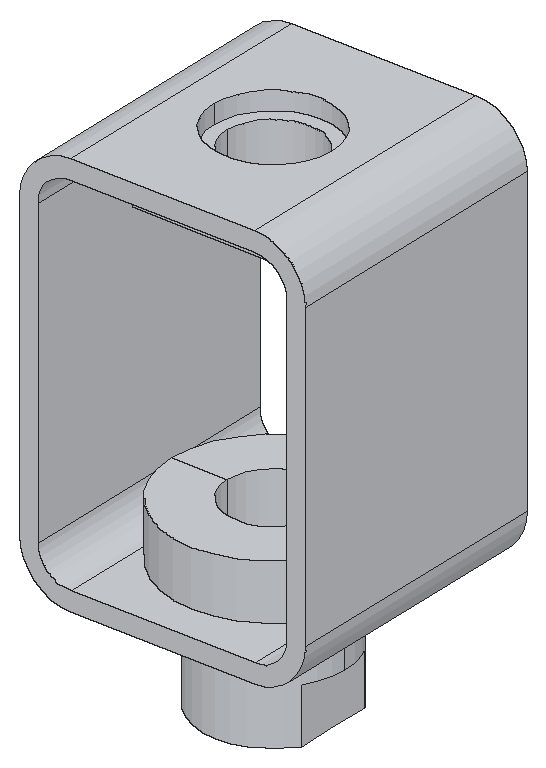
Revit family "Höhenversteller", category HLS-Bauteile, Revit 2017
Family settings
  Bemaßung runder Anschluss = Durchmesser verwenden
  Teiletyp = Normal
  Arbeitsebenenbasiert = Ja
  Immer vertikal = Nein
  Beim Laden mit Abzugskörper schneiden = Nein
  Gemeinsam genutzt = Ja
  Raumberechnungspunkt = Nein
Parameters (values of type "Höhenversteller M10/SMU10")
  vpe = "50 St"
  max. zul. Last = 3.00 kN
  max. Temperaturbeständigkeit = ""
  für Gewinde = "M10"
  Default Elevation = 1219.2 mm
  Schiebeweg = ""
  Regelhalter [instance] = ""
  Oberflaeche = "galvanisch verzinkt"
  Mengeneinheit = "St"
  Materialname = "S235"
  Material = "Stahl"
  Länge = 31 mm
  Lochdurchmesser 2 = 0 mm
  Lochdurchmesser 1 = 0 mm
  Langloch 2 = ""
  Langloch 1 = ""
  Kurztext2 = "für Gewinde M10"
  Kurztext1 = "Höhenversteller verst. H 30 mm"
  Höhe verstellbar = "30 mm"
  Höhe = "56 mm"
  Haftreibungsfaktor = ""
  Gleitreibungsfaktor = ""
  Gleitfunktion = "nein"
  Gewindeplatte Vierkant = MEFA Gewindeplatte Vierkant : MEFA Gewindeplatte Vierkant 17x 17x 5 M10
  Gewicht pro Bauteil = Gewicht  # 0.103 kg
  Gewicht = 0.103 kg
  Firma = "MEFA Befestigungs- und Montagesysteme GmbH"
  Fabrikat = "MEFA"
  EAN = "4250928418739"
  Breite = 30 mm
  Bandbuchse = Bundbuchse M8 verdreht : Bandbuchse M10
  Artikelnummer = "0783110"
Types (3, lengths in mm): name | für Gewinde | Kurztext2 | Gewindeplatte Vierkant | Gewicht pro Bauteil | Gewicht | EAN | Bandbuchse | Artikelnummer
  (no name) | "M10" | "für Gewinde M10" | MEFA Gewindeplatte Vierkant : MEFA Gewindeplatte Vierkant 17x 17x 5 M10 | 0.103 kg | 0.103 kg | "4250928418739" | Bundbuchse M8 verdreht : Bandbuchse M10 | "0783110"
  Höhenversteller M 8/SMU8 | "M8" | "für Gewinde M8" | MEFA Gewindeplatte Vierkant : MEFA Gewindeplatte Vierkant 17x 17x 5 M 8 | 0.101 kg | 0.101 kg | "4250928418722" | Bundbuchse M8 verdreht : Bandbuchse M8 | "0783021"
  Höhenversteller M10/SMU10 | "M10" | "für Gewinde M10" | MEFA Gewindeplatte Vierkant : MEFA Gewindeplatte Vierkant 17x 17x 5 M10 | 0.103 kg | 0.103 kg | "4250928418739" | Bundbuchse M8 verdreht : Bandbuchse M10 | "0783110"
Reference planes
  plane 1 "Mitte (Vorne/hinten)": y = 0
  plane 2: z = 0
  plane 3 "Mitte (Links/rechts)": x = 0
  plane 4: z = 44
  plane 5: x = -15.5
  plane 6: x = 15.5
  plane 7: z = 44
  plane 8: x = 13.5
  plane 9: z = 2
  plane 10: x = -13.5
  plane 11: z = 42
Forms (mm)
  Extrusion 1, solid
    sketch origin (0, 0, 0) x (1, 0, 0) y (0, 0, 1)
      loop
        line (10, 44) -> (-10, 44)
        arc (-10, 44) -> (-13.889, 42.389) -> (-15.5, 38.5) r 5.5
        line (-15.5, 38.5) -> (-15.5, 5.5)
        arc (-15.5, 5.5) -> (-13.889, 1.611) -> (-10, 0) r 5.5
        line (-10, 0) -> (10, 0)
        arc (10, 0) -> (13.889, 1.611) -> (15.5, 5.5) r 5.5
        line (15.5, 5.5) -> (15.5, 38.5)
        arc (15.5, 38.5) -> (13.889, 42.389) -> (10, 44) r 5.5
      loop
        line (10, 42) -> (-10, 42)
        arc (-10, 42) -> (-12.475, 40.975) -> (-13.5, 38.5) r 3.5
        line (-13.5, 38.5) -> (-13.5, 5.5)
        arc (-13.5, 5.5) -> (-12.475, 3.025) -> (-10, 2) r 3.5
        line (-10, 2) -> (10, 2)
        arc (10, 2) -> (12.475, 3.025) -> (13.5, 5.5) r 3.5
        line (13.5, 5.5) -> (13.5, 38.5)
        arc (13.5, 38.5) -> (12.475, 40.975) -> (10, 42) r 3.5
    from -15 to 15
  Extrusion 2, void
    sketch origin (0, 0, 0) x (1, 0, 0) y (0, 1, 0)
      loop
        circle (0, 0) r 8
    from -5 to 5
  Extrusion 3, void
    sketch origin (0, 0, 0) x (1, 0, 0) y (0, 1, 0)
      loop
        circle (0, 0) r 6.476
    from 40 to 50
Cuts and joins
  Extrusion 2, Extrusion 3 cuts Extrusion 1
Lines and regions (mm)
  model lines, not visible
    curve 1: line (0, 0, 80.467) -> (0, 0, -64.533)
    curve 2: line (30.507, 0, 44) -> (-29.493, 0, 44)
    curve 3: line (30.507, 0, 0) -> (-29.493, 0, 0)
    curve 4: line (0, 24.47, 44) -> (0, -25.53, 44)
    curve 5: line (0, 24.47, 0) -> (0, -25.53, 0)
Dimensions and locks
  aligned and locked: level to plane 2
  aligned and locked: nested 1 to cut or joined group of Extrusion 1, Extrusion 2, Extrusion 3
  aligned and locked: plane 3 "Mitte (Links/rechts)" to nested 1
  aligned and locked: nested 2 to cut or joined group of Extrusion 1, Extrusion 2, Extrusion 3
  aligned and locked: nested 2 to plane 3 "Mitte (Links/rechts)"
  aligned and locked: nested 2 to plane 1 "Mitte (Vorne/hinten)"
  aligned and locked: plane 1 "Mitte (Vorne/hinten)" to nested 1
  aligned and locked: plane 3 "Mitte (Links/rechts)" to curve 1
  aligned and locked: curve 2 to plane 4
  aligned and locked: curve 3 to level
  aligned and locked: curve 5 to level
Nested families
  nested 1: "Bundbuchse M8 verdreht" at (0, 0, 8), type <- "Bandbuchse", type "Bandbuchse M10"
  nested 2: "MEFA Gewindeplatte Vierkant" at (0, 0, 37) x (-1, 0, 0) z (0, 0, 1), type <- "Gewindeplatte Vierkant", type "MEFA Gewindeplatte Vierkant 17x 17x 5 M10"
Definition of nested family "Bundbuchse M8 verdreht"
  Parameters (values of type "Bandbuchse M10")
    d2 = 7.8 mm
    d1 = 11 mm
    Regelhalter [instance] = ""
    Firma = "MEFA Befestigungs- und Montagesysteme GmbH"
    D = 5 mm
    Artikelnummer = "0780812"
  Types (2, lengths in mm): name | D
    Bandbuchse M8 | 4
    Bandbuchse M10 | 5
  Reference planes
    plane 1 "Mitte (Vorne/hinten)": y = 0
    plane 2: z = 0
    plane 3 "Mitte (Links/rechts)": x = 0
    plane 4: x = 4
    plane 5: x = -4
    plane 6: z = 20
    plane 7: x = 4
    plane 8: x = -4
    plane 9: z = -20
    plane 10: x = -6.5
    plane 11: x = 11
  Forms (mm)
    Revolve 1, solid
      sketch origin (0, 0, 0) x (1, 0, 0) y (0, 0, -1)
        loop
          line (5, 0) -> (11, 0) -> (11, 6) -> (7.8, 6) -> (7.8, 20) -> (5, 20) -> (5, 0)
        axis (0, 20) -> (0, 0)
      angle from 0 to 360
    Extrusion 2, void
      sketch origin (0, 0, -34) x (0, -1, 0) y (1, 0, 0)
        loop
          line (-10, -6.5) -> (-10, -10.398) -> (-9.198, -10.398) -> (9.366, -10.398) -> (9.366, -6.5) -> (-10, -6.5)
        loop
          line (-10, 6.5) -> (9.366, 6.5) -> (9.366, 10.398) -> (-9.198, 10.398) -> (-10, 10.398) -> (-10, 6.5)
      from 14 to 20
  Cuts and joins
    Extrusion 2 cuts Revolve 1
  Dimensions and locks
    "d2": Revolve 1 sketch curve to Revolve 1 sketch curve
    "D": Revolve 1 sketch curve to Revolve 1 sketch curve
    aligned and locked: level to plane 2
    aligned and locked: Revolve 1 sketch curve to plane 11
  Automatic sketch dimensions
    Extrusion 2 sketch curve to plane 10 = 0 mm
    Extrusion 2 sketch curve to plane 1 "Mitte (Vorne/hinten)" = 10 mm  (x2)
    Extrusion 2 sketch curve to Extrusion 2 sketch curve = 0.802 mm  (x2)
    Extrusion 2 sketch curve to plane 4 = 2.5 mm
    plane 1 "Mitte (Vorne/hinten)" to Extrusion 2 sketch curve = 9.366 mm  (x2)
    Extrusion 2 sketch curve to plane 10 = 3.898 mm
    Extrusion 2 sketch curve to Extrusion 2 sketch curve = 3.898 mm
    Revolve 1 sketch curve to plane 3 "Mitte (Links/rechts)" = 0 mm
    Revolve 1 sketch curve to level = 0 mm
    Revolve 1 sketch curve to plane 9 = 0 mm
    level to Revolve 1 sketch curve = 6 mm
    Revolve 1 sketch curve to level = 7.972 mm
    Revolve 1 sketch curve to plane 9 = 7.028 mm
Definition of nested family "MEFA Gewindeplatte Vierkant"
  Parameters (values of type "MEFA Gewindeplatte Vierkant 17x 17x 5 M10")
    vpe = "100 St"
    max. zul. Last = 0
    für Gewinde = ""
    d2 = 5 mm
    Default Elevation = 1219.2 mm
    Stärke Material = 5 mm
    Schienenbreite = ""
    Schiebeweg = ""
    Regelhalter [instance] = ""
    Rabattgruppe = ""
    Profiltyp = ""
    Profil = ""
    Preiseinheit = 0
    Plattentyp = ""
    Oberfläche = ""
    Oberflaeche = "galvanisch verzinkt"
    Mengeneinheiten = ""
    Mengeneinheit = "St"
    Materialname = "S235"
    Material = "Stahl"
    Länge = 17 mm
    Lochdurchmesser 2 = 0 mm
    Lochdurchmesser 1 = 0 mm
    Langloch 2 = ""
    Langloch 1 = ""
    Kurztext2 = "M10 vierkant 17 x 17 mm gvz"
    Kurztext1 = "Gewindeplatte"
    Höhe verstellbar = ""
    Höhe = ""
    Haftreibungsfaktor = ""
    Gleitreibungsfaktor = ""
    Gleitfunktion = ""
    Gewinde = ""
    Gewicht = 0.0092
    Form = ""
    Firma = "MEFA Befestigungs- und Montagesysteme GmbH"
    Fabrikat = "MEFA"
    EAN = "4250928417114"
    Deckentyp = ""
    Breite = 17 mm
    Artikelnummer = "0740039"
    Anzugsmoment = 0
    Abmessung = ""
  Types (2, lengths in mm): name | d2 | Kurztext2 | Gewicht | EAN | Artikelnummer
    MEFA Gewindeplatte Vierkant 17x 17x 5 M 8 | 4 | "M8 vierkant 17 x 17 mm gvz" | 0.0099 | "4250928417107" | "0740020"
    MEFA Gewindeplatte Vierkant 17x 17x 5 M10 | 5 | "M10 vierkant 17 x 17 mm gvz" | 0.0092 | "4250928417114" | "0740039"
  Reference planes
    plane 1 "Mitte (Vorne/hinten)": y = 0
    plane 2: z = 0
    plane 3 "Mitte (Links/rechts)": x = 0
    plane 4: x = 8.5
    plane 5: y = 8.5
    plane 6: x = -8.5
    plane 7: y = -8.5
    plane 8: z = 5
  Forms (mm)
    Extrusion 1, solid
      sketch origin (0, 0, 0) x (1, 0, 0) y (0, 1, 0)
        loop
          line (8.5, -8.5) -> (8.5, 8.5) -> (-8.5, 8.5) -> (-8.5, -8.5) -> (8.5, -8.5)
      from 0 to 5
    Extrusion 2, void, detail levels fine
      sketch origin (0, 0, 0) x (1, 0, 0) y (0, 1, 0)
        loop
          circle (0, 0) r 5
      from 0 to 20
  Cuts and joins
    Extrusion 2 cuts Extrusion 1
  Dimensions and locks
    equal spacing: plane 6, plane 3 "Mitte (Links/rechts)", plane 4
    equal spacing: plane 7, plane 1 "Mitte (Vorne/hinten)", plane 5
    "Breite": plane 6 to plane 4
    "Länge": plane 7 to plane 5
    "Stärke Material": level to plane 8
    "d2": radius of Extrusion 2 sketch curve
    aligned and locked: level to plane 2
    aligned and locked: plane 4 to Extrusion 1
    aligned and locked: plane 5 to Extrusion 1
    aligned and locked: plane 6 to Extrusion 1
    aligned and locked: plane 7 to Extrusion 1
    aligned and locked: plane 8 to Extrusion 1
  Automatic sketch dimensions
    Extrusion 1 sketch curve to plane 6 = 0 mm
    Extrusion 1 sketch curve to plane 4 = 0 mm
    Extrusion 1 sketch curve to plane 7 = 0 mm
    plane 5 to Extrusion 1 sketch curve = 0 mm
    plane 1 "Mitte (Vorne/hinten)" to Extrusion 2 sketch curve = 0 mm
    Extrusion 2 sketch curve to plane 3 "Mitte (Links/rechts)" = 0 mm
